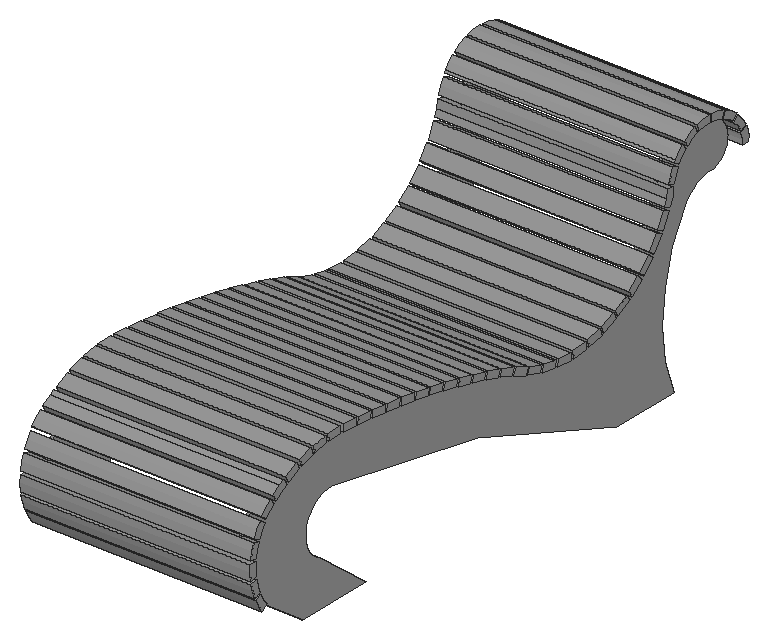
Revit family "12411 Парковый лежак 8 Хоббика", category Антураж, Revit 2018
Family settings
  На основе рабочей плоскости = Нет
  Всегда вертикально = Да
  При загрузке вырезать с полостями = Нет
  Источник визуального образа = Геометрия семейства
  Общий = Нет
  Точка расчета площади = Нет
Parameters (values of type "Парковый лежак 8")
  Ширина = 2065 mm  # constant formula
  Цвет отделки = Дерево
  Цвет основания = Сталь
  Описание = "Парковый лежак 8"  # constant formula
  Материал изделия = "Сталь, дерево"  # constant formula
  Изображение типоразмера = Парковый лежак 8 Арт 12411.jpg
  Изготовитель = "ООО «Хоббика»"  # constant formula
  Длина = 750 mm  # constant formula
  Группа модели = "Лежаки и шезлонги"  # constant formula
  Высота = 792 mm  # constant formula
  Артикул товара = "Арт. 12411"  # constant formula
  URL = "https://hobbyka.ru/product/parkovyy_lezhak_8"
Reference planes
  plane 1 "По центру (Вперед/Назад)": y = 0
  plane 2: z = 0
  plane 3 "По центру (Влево/Вправо)": x = 0
  plane 4: x = 750
  plane 5: y = 2065
  plane 6: z = 792
Forms (mm)
  Extrusion 1, solid, material "Сталь" <- "Цвет основания"
    sketch origin (0, 0, 0) x (0, 1, 0) y (0, 0, 1)
      loop
        arc (421.892, 338.714) -> (1017.174, 217.381) -> (1584.473, 0) r 3689.314
        line (1584.473, 0) -> (1814.006, 0)
        arc (1814.006, 0) -> (1770.56, 268.951) -> (1860.919, 525.968) r 552.511
        arc (1860.919, 525.968) -> (1911.936, 570.555) -> (1978.503, 583.188) r 129.178
        arc (1978.503, 583.188) -> (2027.82, 623.966) -> (2027.357, 687.956) r 74.555
        arc (2027.357, 687.956) -> (1909.801, 769.009) -> (1779.955, 709.601) r 144.606
        arc (1779.955, 709.601) -> (1757.504, 667.224) -> (1747.463, 620.331) r 174.142
        arc (1747.463, 620.331) -> (1558.796, 385.823) -> (1263.164, 329.334) r 436.191
        arc (1263.164, 329.334) -> (1175.469, 350.683) -> (1091.974, 384.957) r 599.429
        arc (1091.974, 384.957) -> (745.739, 476.584) -> (390.392, 521.331) r 2685.98
        arc (390.392, 521.331) -> (269.463, 508.999) -> (158.57, 459.214) r 381.081
        arc (158.57, 459.214) -> (49.985, 318.489) -> (98.929, 147.612) r 196.987
        line (98.929, 147.612) -> (302.099, 0) -> (557.099, 0) -> (371.422, 150.359)
        arc (371.422, 150.359) -> (315.081, 266.395) -> (421.892, 338.714) r 98.508
    from 50 to 60
  Extrusion 2, solid, material "Сталь" <- "Цвет основания"
    sketch origin (0, 0, 0) x (0, 1, 0) y (0, 0, 1)
      loop
        arc (421.892, 338.714) -> (1017.174, 217.381) -> (1584.473, 0) r 3689.314
        line (1584.473, 0) -> (1814.006, 0)
        arc (1814.006, 0) -> (1770.56, 268.951) -> (1860.919, 525.968) r 552.511
        arc (1860.919, 525.968) -> (1911.936, 570.555) -> (1978.503, 583.188) r 129.178
        arc (1978.503, 583.188) -> (2027.82, 623.966) -> (2027.357, 687.956) r 74.555
        arc (2027.357, 687.956) -> (1909.801, 769.009) -> (1779.955, 709.601) r 144.606
        arc (1779.955, 709.601) -> (1757.504, 667.224) -> (1747.463, 620.331) r 174.142
        arc (1747.463, 620.331) -> (1558.796, 385.823) -> (1263.164, 329.334) r 436.191
        arc (1263.164, 329.334) -> (1175.469, 350.683) -> (1091.974, 384.957) r 599.429
        arc (1091.974, 384.957) -> (745.739, 476.584) -> (390.392, 521.331) r 2685.98
        arc (390.392, 521.331) -> (269.463, 508.999) -> (158.57, 459.214) r 381.081
        arc (158.57, 459.214) -> (49.985, 318.489) -> (98.929, 147.612) r 196.987
        line (98.929, 147.612) -> (302.099, 0) -> (557.099, 0) -> (371.422, 150.359)
        arc (371.422, 150.359) -> (315.081, 266.395) -> (421.892, 338.714) r 98.508
    from 690 to 700
  Extrusion 3, solid, material "Дерево" <- "Цвет отделки"
    sketch origin (0, 0, 0) x (0, 1, 0) y (0, 0, 1)
      loop
        line (2025.42, 691.811) -> (2045.814, 702.445)
        arc (2045.814, 702.445) -> (2032.648, 723.67) -> (2016.474, 742.702) r 167.606
        line (2016.474, 742.702) -> (2000.106, 726.544)
        arc (2000.106, 726.544) -> (2014.061, 710.123) -> (2025.42, 691.811) r 144.606
      loop
        arc (1779.955, 709.601) -> (1791.213, 723.331) -> (1804.067, 735.578) r 144.606
        line (1804.067, 735.578) -> (1789.255, 753.173)
        arc (1789.255, 753.173) -> (1774.355, 738.978) -> (1761.308, 723.065) r 167.606
        arc (1761.308, 723.065) -> (1758.715, 719.387) -> (1756.208, 715.65) r 197.142
        line (1756.208, 715.65) -> (1775.45, 703.052)
        arc (1775.45, 703.052) -> (1777.665, 706.352) -> (1779.955, 709.601) r 174.142
      loop
        arc (1747.463, 620.331) -> (1748.924, 633.464) -> (1751.376, 646.45) r 174.142
        line (1751.376, 646.45) -> (1728.954, 651.572)
        arc (1728.954, 651.572) -> (1726.409, 638.378) -> (1724.769, 625.041) r 197.142
        arc (1724.769, 625.041) -> (1720.87, 614.223) -> (1716.672, 603.517) r 413.191
        line (1716.672, 603.517) -> (1737.965, 594.823)
        arc (1737.965, 594.823) -> (1742.913, 607.502) -> (1747.463, 620.331) r 436.191
      loop
        line (1269.833, 328.273) -> (1273.226, 351.035)
        arc (1273.226, 351.035) -> (1270.064, 351.519) -> (1266.906, 352.027) r 413.191
        arc (1266.906, 352.027) -> (1245.273, 356.021) -> (1223.808, 360.836) r 576.429
        line (1223.808, 360.836) -> (1218.346, 338.494)
        arc (1218.346, 338.494) -> (1243.978, 332.82) -> (1269.833, 328.273) r 599.429
      loop
        line (1091.725, 385.041) -> (1100.867, 406.23)
        arc (1100.867, 406.23) -> (1077.147, 414.127) -> (1053.356, 421.806) r 2708.98
        line (1053.356, 421.806) -> (1046.393, 399.885)
        arc (1046.393, 399.885) -> (1069.092, 392.564) -> (1091.725, 385.041) r 2685.98
      loop
        line (390.392, 521.331) -> (391.738, 544.291)
        arc (391.738, 544.291) -> (366.752, 544.981) -> (341.77, 544.125) r 404.081
        line (341.77, 544.125) -> (343.269, 521.174)
        arc (343.269, 521.174) -> (366.828, 521.981) -> (390.392, 521.331) r 381.081
      loop
        arc (158.57, 459.214) -> (166.067, 464.024) -> (173.674, 468.658) r 381.081
        line (173.674, 468.658) -> (161.94, 488.439)
        arc (161.94, 488.439) -> (154.532, 483.937) -> (147.223, 479.277) r 404.081
        arc (147.223, 479.277) -> (130.947, 470.494) -> (115.466, 460.375) r 219.987
        line (115.466, 460.375) -> (128.848, 441.669)
        arc (128.848, 441.669) -> (143.324, 451.094) -> (158.57, 459.214) r 196.987
      loop
        arc (2057.183, 644.475) -> (2056.806, 669.404) -> (2050.122, 693.423) r 97.555
        line (2050.122, 693.423) -> (2028.933, 684.476)
        arc (2028.933, 684.476) -> (2034.041, 666.12) -> (2034.33, 647.068) r 74.555
        line (2034.33, 647.068) -> (2057.183, 644.475)
      loop
        line (1797.093, 759.381) -> (1810.83, 740.934)
        arc (1810.83, 740.934) -> (1829.024, 752.481) -> (1848.733, 761.196) r 144.606
        line (1848.733, 761.196) -> (1841.024, 782.866)
        arc (1841.024, 782.866) -> (1818.181, 772.765) -> (1797.093, 759.381) r 167.606
      loop
        line (1850.54, 785.935) -> (1856.943, 763.844)
        arc (1856.943, 763.844) -> (1878.03, 768.284) -> (1899.542, 769.541) r 144.606
        line (1899.542, 769.541) -> (1899.915, 792.538)
        arc (1899.915, 792.538) -> (1874.981, 791.081) -> (1850.54, 785.935) r 167.606
      loop
        line (1909.903, 792.077) -> (1908.16, 769.144)
        arc (1908.16, 769.144) -> (1929.466, 765.913) -> (1950.055, 759.553) r 144.606
        line (1950.055, 759.553) -> (1958.462, 780.961)
        arc (1958.462, 780.961) -> (1934.598, 788.334) -> (1909.903, 792.077) r 167.606
      loop
        arc (2009.241, 749.605) -> (1989.473, 764.872) -> (1967.655, 777.031) r 167.606
        line (1967.655, 777.031) -> (1957.987, 756.162)
        arc (1957.987, 756.162) -> (1976.563, 745.834) -> (1993.425, 732.894) r 144.606
        line (1993.425, 732.894) -> (2009.241, 749.605)
      loop
        arc (1750.945, 707.148) -> (1739.729, 684.824) -> (1731.427, 661.26) r 197.142
        line (1731.427, 661.26) -> (1753.561, 655.008)
        arc (1753.561, 655.008) -> (1761.008, 676.088) -> (1771.094, 696.04) r 174.142
        line (1771.094, 696.04) -> (1750.945, 707.148)
      loop
        arc (1712.78, 594.306) -> (1702.086, 571.713) -> (1690.044, 549.808) r 413.191
        line (1690.044, 549.808) -> (1709.855, 538.124)
        arc (1709.855, 538.124) -> (1722.567, 561.248) -> (1733.857, 585.098) r 436.191
        line (1733.857, 585.098) -> (1712.78, 594.306)
      loop
        line (1283.134, 349.681) -> (1280.295, 326.857)
        arc (1280.295, 326.857) -> (1306.567, 324.393) -> (1332.94, 323.522) r 436.191
        line (1332.94, 323.522) -> (1333.003, 346.522)
        arc (1333.003, 346.522) -> (1308.021, 347.347) -> (1283.134, 349.681) r 413.191
      loop
        line (1343.003, 346.616) -> (1343.496, 323.621)
        arc (1343.496, 323.621) -> (1369.848, 324.985) -> (1396.07, 327.939) r 436.191
        line (1396.07, 327.939) -> (1392.804, 350.706)
        arc (1392.804, 350.706) -> (1367.965, 347.907) -> (1343.003, 346.616) r 413.191
      loop
        line (1402.685, 352.246) -> (1406.5, 329.564)
        arc (1406.5, 329.564) -> (1432.378, 334.727) -> (1457.896, 341.445) r 436.191
        line (1457.896, 341.445) -> (1451.371, 363.5)
        arc (1451.371, 363.5) -> (1427.198, 357.136) -> (1402.685, 352.246) r 413.191
      loop
        line (1460.925, 366.453) -> (1467.982, 344.562)
        arc (1467.982, 344.562) -> (1492.84, 353.415) -> (1517.118, 363.754) r 436.191
        line (1517.118, 363.754) -> (1507.469, 384.633)
        arc (1507.469, 384.633) -> (1484.472, 374.838) -> (1460.925, 366.453) r 413.191
      loop
        line (1568.228, 419.226) -> (1581.258, 400.274)
        arc (1581.258, 400.274) -> (1602.54, 415.874) -> (1622.84, 432.733) r 436.191
        line (1622.84, 432.733) -> (1607.617, 449.974)
        arc (1607.617, 449.974) -> (1588.388, 434.004) -> (1568.228, 419.226) r 413.191
      loop
        arc (1559.92, 413.661) -> (1538.582, 400.642) -> (1516.495, 388.937) r 413.191
        line (1516.495, 388.937) -> (1526.646, 368.298)
        arc (1526.646, 368.298) -> (1549.962, 380.655) -> (1572.487, 394.399) r 436.191
        line (1572.487, 394.399) -> (1559.92, 413.661)
      loop
        line (1615.033, 456.683) -> (1630.668, 439.815)
        arc (1630.668, 439.815) -> (1649.469, 458.331) -> (1667.116, 477.949) r 436.191
        line (1667.116, 477.949) -> (1649.559, 492.806)
        arc (1649.559, 492.806) -> (1632.842, 474.222) -> (1615.033, 456.683) r 413.191
      loop
        line (1655.925, 500.517) -> (1673.837, 486.09)
        arc (1673.837, 486.09) -> (1689.761, 507.131) -> (1704.383, 529.097) r 436.191
        line (1704.383, 529.097) -> (1684.861, 541.257)
        arc (1684.861, 541.257) -> (1671.009, 520.449) -> (1655.925, 500.517) r 413.191
      loop
        arc (1214.115, 363.295) -> (1190.083, 370.175) -> (1166.371, 378.09) r 576.429
        line (1166.371, 378.09) -> (1158.617, 356.437)
        arc (1158.617, 356.437) -> (1183.275, 348.206) -> (1208.266, 341.051) r 599.429
        line (1208.266, 341.051) -> (1214.115, 363.295)
      loop
        arc (1156.986, 381.543) -> (1133.798, 390.883) -> (1111.037, 401.219) r 576.429
        line (1111.037, 401.219) -> (1101.075, 380.488)
        arc (1101.075, 380.488) -> (1124.744, 369.74) -> (1148.857, 360.027) r 599.429
        line (1148.857, 360.027) -> (1156.986, 381.543)
      loop
        arc (1043.82, 424.816) -> (1019.931, 432.186) -> (995.975, 439.336) r 2708.98
        line (995.975, 439.336) -> (989.499, 417.266)
        arc (989.499, 417.266) -> (1013.251, 410.177) -> (1036.937, 402.869) r 2685.98
        line (1036.937, 402.869) -> (1043.82, 424.816)
      loop
        line (525.858, 533.081) -> (523.374, 510.216)
        arc (523.374, 510.216) -> (548.004, 507.424) -> (572.607, 504.406) r 2685.98
        line (572.607, 504.406) -> (575.513, 527.222)
        arc (575.513, 527.222) -> (550.699, 530.266) -> (525.858, 533.081) r 2708.98
      loop
        line (585.431, 525.94) -> (582.44, 503.135)
        arc (582.44, 503.135) -> (607.003, 499.799) -> (631.533, 496.236) r 2685.98
        line (631.533, 496.236) -> (634.943, 518.982)
        arc (634.943, 518.982) -> (610.203, 522.575) -> (585.431, 525.94) r 2708.98
      loop
        line (644.83, 517.481) -> (641.336, 494.748)
        arc (641.336, 494.748) -> (665.818, 490.869) -> (690.263, 486.764) r 2685.98
        line (690.263, 486.764) -> (694.177, 509.428)
        arc (694.177, 509.428) -> (669.522, 513.568) -> (644.83, 517.481) r 2708.98
      loop
        line (704.028, 507.709) -> (700.031, 485.059)
        arc (700.031, 485.059) -> (724.421, 480.638) -> (748.769, 475.993) r 2685.98
        line (748.769, 475.993) -> (753.184, 498.565)
        arc (753.184, 498.565) -> (728.627, 503.25) -> (704.028, 507.709) r 2708.98
      loop
        line (762.994, 496.628) -> (758.497, 474.072)
        arc (758.497, 474.072) -> (782.783, 469.112) -> (807.023, 463.929) r 2685.98
        line (807.023, 463.929) -> (811.936, 486.398)
        arc (811.936, 486.398) -> (787.489, 491.626) -> (762.994, 496.628) r 2708.98
      loop
        line (821.701, 484.243) -> (816.705, 461.793)
        arc (816.705, 461.793) -> (840.876, 456.296) -> (864.994, 450.577) r 2685.98
        line (864.994, 450.577) -> (870.404, 472.932)
        arc (870.404, 472.932) -> (846.079, 478.7) -> (821.701, 484.243) r 2708.98
      loop
        line (880.119, 470.562) -> (874.627, 448.228)
        arc (874.627, 448.228) -> (898.67, 442.197) -> (922.656, 435.946) r 2685.98
        line (922.656, 435.946) -> (928.56, 458.175)
        arc (928.56, 458.175) -> (904.368, 464.48) -> (880.119, 470.562) r 2708.98
      loop
        line (938.22, 455.59) -> (932.235, 433.383)
        arc (932.235, 433.383) -> (956.138, 426.822) -> (979.98, 420.04) r 2685.98
        line (979.98, 420.04) -> (986.374, 442.134)
        arc (986.374, 442.134) -> (962.328, 448.973) -> (938.22, 455.59) r 2708.98
      loop
        arc (515.915, 534.143) -> (491.04, 536.637) -> (466.143, 538.901) r 2708.98
        line (466.143, 538.901) -> (464.165, 515.986)
        arc (464.165, 515.986) -> (488.851, 513.741) -> (513.515, 511.269) r 2685.98
        line (513.515, 511.269) -> (515.915, 534.143)
      loop
        arc (456.178, 539.743) -> (431.254, 541.685) -> (406.313, 543.398) r 2708.98
        line (406.313, 543.398) -> (404.843, 520.445)
        arc (404.843, 520.445) -> (429.572, 518.747) -> (454.285, 516.821) r 2685.98
        line (454.285, 516.821) -> (456.178, 539.743)
      loop
        arc (331.801, 543.35) -> (306.987, 540.336) -> (282.407, 535.794) r 404.081
        line (282.407, 535.794) -> (287.284, 513.317)
        arc (287.284, 513.317) -> (310.465, 517.601) -> (333.866, 520.443) r 381.081
        line (333.866, 520.443) -> (331.801, 543.35)
      loop
        arc (272.662, 533.553) -> (248.567, 526.901) -> (224.93, 518.772) r 404.081
        line (224.93, 518.772) -> (233.079, 497.264)
        arc (233.079, 497.264) -> (255.37, 504.93) -> (278.094, 511.203) r 381.081
        line (278.094, 511.203) -> (272.662, 533.553)
      loop
        arc (215.623, 515.114) -> (192.778, 504.971) -> (170.603, 493.434) r 404.081
        line (170.603, 493.434) -> (181.844, 473.368)
        arc (181.844, 473.368) -> (202.757, 484.248) -> (224.302, 493.814) r 381.081
        line (224.302, 493.814) -> (215.623, 515.114)
      loop
        arc (107.468, 454.374) -> (88.736, 437.838) -> (72.001, 419.283) r 219.987
        line (72.001, 419.283) -> (89.927, 404.873)
        arc (89.927, 404.873) -> (104.913, 421.488) -> (121.686, 436.296) r 196.987
        line (121.686, 436.296) -> (107.468, 454.374)
      loop
        arc (65.915, 411.35) -> (52.331, 390.379) -> (41.212, 368.002) r 219.987
        line (41.212, 368.002) -> (62.357, 358.954)
        arc (62.357, 358.954) -> (72.314, 378.991) -> (84.478, 397.769) r 196.987
        line (84.478, 397.769) -> (65.915, 411.35)
      loop
        arc (37.488, 358.722) -> (30.055, 334.867) -> (25.375, 310.323) r 219.987
        line (25.375, 310.323) -> (48.176, 307.305)
        arc (48.176, 307.305) -> (52.367, 329.283) -> (59.023, 350.644) r 196.987
        line (59.023, 350.644) -> (37.488, 358.722)
      loop
        arc (24.289, 300.383) -> (23.556, 275.407) -> (25.661, 250.509) r 219.987
        line (25.661, 250.509) -> (48.432, 253.745)
        arc (48.432, 253.745) -> (46.548, 276.039) -> (47.203, 298.404) r 196.987
        line (47.203, 298.404) -> (24.289, 300.383)
      loop
        arc (27.292, 240.644) -> (33.315, 216.394) -> (42.048, 192.984) r 219.987
        line (42.048, 192.984) -> (63.106, 202.234)
        arc (63.106, 202.234) -> (55.286, 223.197) -> (49.893, 244.911) r 196.987
        line (49.893, 244.911) -> (27.292, 240.644)
      loop
        arc (46.277, 183.922) -> (58.609, 162.191) -> (73.326, 141.999) r 219.987
        line (73.326, 141.999) -> (91.114, 156.579)
        arc (91.114, 156.579) -> (77.936, 174.661) -> (66.893, 194.12) r 196.987
        line (66.893, 194.12) -> (46.277, 183.922)
    from 0 to 750
Dimensions and locks
  "Длина": plane 3 "По центру (Влево/Вправо)" to plane 4
  "Ширина": plane 5 to plane 1 "По центру (Вперед/Назад)"
  "Высота": plane 6 to plane 2
  aligned and locked: level to plane 2
Automatic sketch dimensions
  Extrusion 1 sketch curve to level = 0 mm
  level to Extrusion 1 sketch curve = 0 mm
  plane 1 "По центру (Вперед/Назад)" to Extrusion 1 sketch curve = 14.789 mm
  Extrusion 1 sketch curve to plane 1 "По центру (Вперед/Назад)" = 98.929 mm
  Extrusion 1 sketch curve to plane 1 "По центру (Вперед/Назад)" = 233.23 mm
  Extrusion 1 sketch curve to Extrusion 1 sketch curve = 144.531 mm
  Extrusion 1 sketch curve to Extrusion 1 sketch curve = 203.171 mm
  Extrusion 1 sketch curve to Extrusion 1 sketch curve = 65.995 mm
  Extrusion 1 sketch curve to Extrusion 1 sketch curve = 3.328 mm
  Extrusion 1 sketch curve to Extrusion 1 sketch curve = 38.81 mm
  Extrusion 1 sketch curve to Extrusion 1 sketch curve = 189.005 mm
  Extrusion 1 sketch curve to plane 6 = 32.288 mm
  Extrusion 1 sketch curve to plane 5 = 730.859 mm
  plane 6 to Extrusion 1 sketch curve = 128.774 mm
  Extrusion 1 sketch curve to Extrusion 1 sketch curve = 26.562 mm
  Extrusion 1 sketch curve to plane 5 = 480.527 mm
  Extrusion 1 sketch curve to Extrusion 1 sketch curve = 229.533 mm
  Extrusion 1 sketch curve to plane 5 = 167.803 mm
  Extrusion 1 sketch curve to Extrusion 1 sketch curve = 23.946 mm
  Extrusion 1 sketch curve to Extrusion 1 sketch curve = 39.107 mm
  Extrusion 1 sketch curve to plane 5 = 96.539 mm
  plane 5 to Extrusion 1 sketch curve = 255.887 mm
  Extrusion 1 sketch curve to level = 2160.047 mm
  Extrusion 1 sketch curve to Extrusion 1 sketch curve = 1164.618 mm
  level to Extrusion 1 sketch curve = 140.903 mm
  level to Extrusion 1 sketch curve = 147.612 mm
  Extrusion 1 sketch curve to Extrusion 1 sketch curve = 9.456 mm
  level to Extrusion 1 sketch curve = 219.866 mm
  Extrusion 1 sketch curve to Extrusion 1 sketch curve = 90.54 mm
  Extrusion 1 sketch curve to Extrusion 1 sketch curve = 40.558 mm
  Extrusion 1 sketch curve to plane 6 = 337.6 mm
  Extrusion 1 sketch curve to Extrusion 1 sketch curve = 81.697 mm
  Extrusion 1 sketch curve to Extrusion 1 sketch curve = 17.289 mm
  Extrusion 1 sketch curve to Extrusion 1 sketch curve = 47.809 mm
  Extrusion 1 sketch curve to plane 1 "По центру (Вперед/Назад)" = 158.57 mm
  Extrusion 1 sketch curve to Extrusion 1 sketch curve = 0 mm  (x4)
  level to Extrusion 1 sketch curve = 384.957 mm
  Extrusion 1 sketch curve to Extrusion 1 sketch curve = 113.456 mm
  Extrusion 1 sketch curve to Extrusion 1 sketch curve = 57.359 mm
  Extrusion 2 sketch curve to level = 0 mm
  level to Extrusion 2 sketch curve = 0 mm
  plane 1 "По центру (Вперед/Назад)" to Extrusion 2 sketch curve = 14.789 mm
  Extrusion 2 sketch curve to plane 1 "По центру (Вперед/Назад)" = 98.929 mm
  Extrusion 2 sketch curve to plane 1 "По центру (Вперед/Назад)" = 233.23 mm
  Extrusion 2 sketch curve to Extrusion 2 sketch curve = 144.531 mm
  Extrusion 2 sketch curve to Extrusion 2 sketch curve = 203.171 mm
  Extrusion 2 sketch curve to Extrusion 2 sketch curve = 65.995 mm
  Extrusion 2 sketch curve to Extrusion 2 sketch curve = 3.328 mm
  Extrusion 2 sketch curve to Extrusion 2 sketch curve = 38.81 mm
  Extrusion 2 sketch curve to Extrusion 2 sketch curve = 189.005 mm
  Extrusion 2 sketch curve to plane 6 = 32.288 mm
  Extrusion 2 sketch curve to plane 5 = 730.859 mm
  plane 6 to Extrusion 2 sketch curve = 128.774 mm
  Extrusion 2 sketch curve to Extrusion 2 sketch curve = 26.562 mm
  Extrusion 2 sketch curve to plane 5 = 480.527 mm
  Extrusion 2 sketch curve to Extrusion 2 sketch curve = 229.533 mm
  Extrusion 2 sketch curve to plane 5 = 167.803 mm
  Extrusion 2 sketch curve to Extrusion 2 sketch curve = 23.946 mm
  Extrusion 2 sketch curve to Extrusion 2 sketch curve = 39.107 mm
  Extrusion 2 sketch curve to plane 5 = 96.539 mm
  plane 5 to Extrusion 2 sketch curve = 255.887 mm
  Extrusion 2 sketch curve to level = 2160.047 mm
  Extrusion 2 sketch curve to Extrusion 2 sketch curve = 1164.618 mm
  level to Extrusion 2 sketch curve = 140.903 mm
  level to Extrusion 2 sketch curve = 147.612 mm
  Extrusion 2 sketch curve to Extrusion 2 sketch curve = 9.456 mm
  level to Extrusion 2 sketch curve = 219.866 mm
  Extrusion 2 sketch curve to Extrusion 2 sketch curve = 90.54 mm
  Extrusion 2 sketch curve to Extrusion 2 sketch curve = 40.558 mm
  Extrusion 2 sketch curve to plane 6 = 337.6 mm
  Extrusion 2 sketch curve to Extrusion 2 sketch curve = 81.697 mm
  Extrusion 2 sketch curve to Extrusion 2 sketch curve = 17.289 mm
  Extrusion 2 sketch curve to Extrusion 2 sketch curve = 47.809 mm
  Extrusion 2 sketch curve to plane 1 "По центру (Вперед/Назад)" = 158.57 mm
  Extrusion 2 sketch curve to Extrusion 2 sketch curve = 0 mm  (x4)
  level to Extrusion 2 sketch curve = 384.957 mm
  Extrusion 2 sketch curve to Extrusion 2 sketch curve = 113.456 mm
  Extrusion 2 sketch curve to Extrusion 2 sketch curve = 57.359 mm
  Extrusion 3 sketch curve to Extrusion 3 sketch curve = 0 mm  (x177)
  Extrusion 3 sketch curve to plane 1 "По центру (Вперед/Назад)" = 233.23 mm
  Extrusion 3 sketch curve to Extrusion 3 sketch curve = 124.635 mm
  Extrusion 3 sketch curve to Extrusion 3 sketch curve = 243.169 mm
  Extrusion 3 sketch curve to plane 6 = 247.709 mm
  Extrusion 3 sketch curve to Extrusion 3 sketch curve = 1.346 mm
  Extrusion 3 sketch curve to plane 6 = 32.288 mm
  Extrusion 3 sketch curve to Extrusion 3 sketch curve = 233.274 mm
  plane 6 to Extrusion 3 sketch curve = 128.774 mm
  Extrusion 3 sketch curve to Extrusion 3 sketch curve = 26.562 mm
  Extrusion 3 sketch curve to plane 5 = 167.803 mm
  Extrusion 3 sketch curve to Extrusion 3 sketch curve = 23.946 mm
  Extrusion 3 sketch curve to Extrusion 3 sketch curve = 39.107 mm
  Extrusion 3 sketch curve to plane 5 = 30.67 mm
  Extrusion 3 sketch curve to plane 5 = 7.817 mm
  Extrusion 3 sketch curve to plane 6 = 184.336 mm
  Extrusion 3 sketch curve to Extrusion 3 sketch curve = 17.289 mm
  Extrusion 3 sketch curve to Extrusion 3 sketch curve = 36.811 mm
  Extrusion 3 sketch curve to Extrusion 3 sketch curve = 2.593 mm
  Extrusion 3 sketch curve to Extrusion 3 sketch curve = 47.809 mm
  Extrusion 3 sketch curve to plane 1 "По центру (Вперед/Назад)" = 72.001 mm
  Extrusion 3 sketch curve to Extrusion 3 sketch curve = 9.644 mm
  Extrusion 3 sketch curve to Extrusion 3 sketch curve = 6.086 mm
  Extrusion 3 sketch curve to Extrusion 3 sketch curve = 3.334 mm
  Extrusion 3 sketch curve to Extrusion 3 sketch curve = 24.221 mm
  Extrusion 3 sketch curve to Extrusion 3 sketch curve = 10.847 mm
  Extrusion 3 sketch curve to Extrusion 3 sketch curve = 0.973 mm
  Extrusion 3 sketch curve to Extrusion 3 sketch curve = 3.786 mm
  Extrusion 3 sketch curve to Extrusion 3 sketch curve = 1.229 mm
  Extrusion 3 sketch curve to Extrusion 3 sketch curve = 1.461 mm
  Extrusion 3 sketch curve to Extrusion 3 sketch curve = 21.145 mm
  Extrusion 3 sketch curve to Extrusion 3 sketch curve = 3.724 mm
  Extrusion 3 sketch curve to Extrusion 3 sketch curve = 20.616 mm
  Extrusion 3 sketch curve to Extrusion 3 sketch curve = 22.801 mm
  Extrusion 3 sketch curve to Extrusion 3 sketch curve = 1.086 mm
  Extrusion 3 sketch curve to Extrusion 3 sketch curve = 22.771 mm
  Extrusion 3 sketch curve to Extrusion 3 sketch curve = 1.631 mm
  Extrusion 3 sketch curve to Extrusion 3 sketch curve = 18.563 mm
  Extrusion 3 sketch curve to Extrusion 3 sketch curve = 5.45 mm
  Extrusion 3 sketch curve to Extrusion 3 sketch curve = 35.467 mm
  Extrusion 3 sketch curve to Extrusion 3 sketch curve = 7.998 mm
  Extrusion 3 sketch curve to Extrusion 3 sketch curve = 14.218 mm
  Extrusion 3 sketch curve to Extrusion 3 sketch curve = 14.717 mm
  Extrusion 3 sketch curve to Extrusion 3 sketch curve = 8.663 mm
  Extrusion 3 sketch curve to Extrusion 3 sketch curve = 8.17 mm
  Extrusion 3 sketch curve to Extrusion 3 sketch curve = 45.02 mm
  Extrusion 3 sketch curve to Extrusion 3 sketch curve = 8.679 mm
  Extrusion 3 sketch curve to Extrusion 3 sketch curve = 5.432 mm
  Extrusion 3 sketch curve to plane 6 = 256.206 mm
  Extrusion 3 sketch curve to plane 6 = 248.65 mm
  Extrusion 3 sketch curve to plane 6 = 271.555 mm
  Extrusion 3 sketch curve to plane 6 = 248.602 mm
  Extrusion 3 sketch curve to plane 6 = 252.257 mm
  Extrusion 3 sketch curve to plane 6 = 253.099 mm
  Extrusion 3 sketch curve to plane 6 = 258.919 mm
  Extrusion 3 sketch curve to plane 6 = 266.06 mm
  Extrusion 3 sketch curve to plane 6 = 273.018 mm
  Extrusion 3 sketch curve to plane 6 = 274.519 mm
  Extrusion 3 sketch curve to plane 6 = 284.291 mm
  Extrusion 3 sketch curve to plane 6 = 293.435 mm
  Extrusion 3 sketch curve to plane 6 = 295.372 mm
  Extrusion 3 sketch curve to plane 6 = 305.602 mm
  Extrusion 3 sketch curve to plane 6 = 307.757 mm
  Extrusion 3 sketch curve to plane 6 = 319.068 mm
  Extrusion 3 sketch curve to plane 6 = 343.772 mm
  Extrusion 3 sketch curve to plane 6 = 321.438 mm
  Extrusion 3 sketch curve to plane 6 = 356.054 mm
  Extrusion 3 sketch curve to plane 6 = 333.825 mm
  Extrusion 3 sketch curve to plane 6 = 358.617 mm
  Extrusion 3 sketch curve to plane 6 = 336.41 mm
  Extrusion 3 sketch curve to plane 6 = 371.96 mm
  Extrusion 3 sketch curve to plane 6 = 349.866 mm
  Extrusion 3 sketch curve to plane 6 = 374.734 mm
  Extrusion 3 sketch curve to plane 6 = 352.664 mm
  Extrusion 3 sketch curve to plane 6 = 367.184 mm
  Extrusion 3 sketch curve to plane 6 = 392.115 mm
  Extrusion 3 sketch curve to plane 6 = 370.194 mm
  level to Extrusion 3 sketch curve = 385.041 mm
  level to Extrusion 3 sketch curve = 380.488 mm
  level to Extrusion 3 sketch curve = 360.027 mm
  level to Extrusion 3 sketch curve = 381.543 mm
  level to Extrusion 3 sketch curve = 356.437 mm
  level to Extrusion 3 sketch curve = 378.09 mm
  level to Extrusion 3 sketch curve = 341.051 mm
  level to Extrusion 3 sketch curve = 363.295 mm
  level to Extrusion 3 sketch curve = 338.494 mm
  level to Extrusion 3 sketch curve = 360.836 mm
  level to Extrusion 3 sketch curve = 328.273 mm
  level to Extrusion 3 sketch curve = 326.857 mm
  level to Extrusion 3 sketch curve = 349.681 mm
  level to Extrusion 3 sketch curve = 323.522 mm
  level to Extrusion 3 sketch curve = 346.522 mm
  level to Extrusion 3 sketch curve = 346.616 mm
  level to Extrusion 3 sketch curve = 323.621 mm
  level to Extrusion 3 sketch curve = 350.706 mm
  level to Extrusion 3 sketch curve = 327.939 mm
  level to Extrusion 3 sketch curve = 352.246 mm
  level to Extrusion 3 sketch curve = 329.564 mm
  level to Extrusion 3 sketch curve = 363.5 mm
  level to Extrusion 3 sketch curve = 341.445 mm
  level to Extrusion 3 sketch curve = 366.453 mm
  level to Extrusion 3 sketch curve = 344.562 mm
  level to Extrusion 3 sketch curve = 384.633 mm
  level to Extrusion 3 sketch curve = 363.754 mm
  level to Extrusion 3 sketch curve = 368.298 mm
  Extrusion 3 sketch curve to plane 6 = 378.339 mm
  Extrusion 3 sketch curve to plane 6 = 372.774 mm
  Extrusion 3 sketch curve to plane 6 = 391.726 mm
  Extrusion 3 sketch curve to plane 6 = 342.026 mm
  Extrusion 3 sketch curve to plane 6 = 335.317 mm
  Extrusion 3 sketch curve to plane 6 = 359.267 mm
  Extrusion 3 sketch curve to plane 6 = 352.185 mm
  Extrusion 3 sketch curve to plane 6 = 299.194 mm
  Extrusion 3 sketch curve to plane 6 = 291.483 mm
  Extrusion 3 sketch curve to plane 6 = 314.051 mm
  Extrusion 3 sketch curve to plane 6 = 305.91 mm
  Extrusion 3 sketch curve to plane 6 = 250.743 mm
  Extrusion 3 sketch curve to plane 6 = 242.192 mm
  Extrusion 3 sketch curve to plane 6 = 262.903 mm
  Extrusion 3 sketch curve to plane 6 = 253.876 mm
  Extrusion 3 sketch curve to plane 6 = 197.694 mm
  Extrusion 3 sketch curve to plane 6 = 188.483 mm
  Extrusion 3 sketch curve to Extrusion 3 sketch curve = 8.097 mm
  Extrusion 3 sketch curve to plane 6 = 140.428 mm
  Extrusion 3 sketch curve to plane 6 = 130.74 mm
  Extrusion 3 sketch curve to plane 6 = 206.902 mm
  Extrusion 3 sketch curve to plane 6 = 197.177 mm
  Extrusion 3 sketch curve to Extrusion 3 sketch curve = 22.694 mm
  Extrusion 3 sketch curve to plane 6 = 84.852 mm
  Extrusion 3 sketch curve to plane 6 = 145.55 mm
  Extrusion 3 sketch curve to plane 6 = 136.992 mm
  Extrusion 3 sketch curve to plane 6 = 76.35 mm
  Extrusion 3 sketch curve to plane 6 = 95.96 mm
  Extrusion 3 sketch curve to plane 6 = 88.948 mm
  Extrusion 3 sketch curve to plane 6 = 38.827 mm
  Extrusion 3 sketch curve to plane 6 = 32.619 mm
  Extrusion 3 sketch curve to plane 6 = 56.422 mm
  Extrusion 3 sketch curve to plane 6 = 51.066 mm
  Extrusion 3 sketch curve to plane 6 = 9.134 mm
  Extrusion 3 sketch curve to plane 6 = 30.804 mm
  Extrusion 3 sketch curve to plane 6 = 6.065 mm
  Extrusion 3 sketch curve to plane 6 = 28.156 mm
  Extrusion 3 sketch curve to plane 6 = 22.459 mm
  plane 6 to Extrusion 3 sketch curve = 0.538 mm
  Extrusion 3 sketch curve to plane 6 = 22.856 mm
  plane 6 to Extrusion 3 sketch curve = 0.077 mm
  Extrusion 3 sketch curve to plane 6 = 32.447 mm
  Extrusion 3 sketch curve to plane 6 = 35.838 mm
  Extrusion 3 sketch curve to plane 6 = 11.039 mm
  Extrusion 3 sketch curve to plane 6 = 14.969 mm
  Extrusion 3 sketch curve to plane 6 = 59.106 mm
  Extrusion 3 sketch curve to plane 6 = 42.395 mm
  Extrusion 3 sketch curve to Extrusion 3 sketch curve = 4.307 mm
  Extrusion 3 sketch curve to Extrusion 3 sketch curve = 114.612 mm
  Extrusion 3 sketch curve to Extrusion 3 sketch curve = 140.554 mm
  Extrusion 3 sketch curve to plane 1 "По центру (Вперед/Назад)" = 42.048 mm
  Extrusion 3 sketch curve to Extrusion 3 sketch curve = 17.788 mm
  Extrusion 3 sketch curve to Extrusion 3 sketch curve = 11.347 mm
  Extrusion 3 sketch curve to plane 5 = 19.186 mm
  Extrusion 3 sketch curve to Extrusion 3 sketch curve = 20.394 mm
  Extrusion 3 sketch curve to Extrusion 3 sketch curve = 3.513 mm
  Extrusion 3 sketch curve to Extrusion 3 sketch curve = 7.838 mm
  Extrusion 3 sketch curve to Extrusion 3 sketch curve = 2.473 mm
  Extrusion 3 sketch curve to Extrusion 3 sketch curve = 8.21 mm
  Extrusion 3 sketch curve to Extrusion 3 sketch curve = 8.617 mm
  Extrusion 3 sketch curve to Extrusion 3 sketch curve = 6.682 mm
  Extrusion 3 sketch curve to Extrusion 3 sketch curve = 9.022 mm
  Extrusion 3 sketch curve to Extrusion 3 sketch curve = 7.233 mm
  Extrusion 3 sketch curve to Extrusion 3 sketch curve = 7.335 mm
  Extrusion 3 sketch curve to Extrusion 3 sketch curve = 16.368 mm
  Extrusion 3 sketch curve to Extrusion 3 sketch curve = 9.193 mm
  Extrusion 3 sketch curve to Extrusion 3 sketch curve = 7.932 mm
  Extrusion 3 sketch curve to Extrusion 3 sketch curve = 9.988 mm
  Extrusion 3 sketch curve to Extrusion 3 sketch curve = 9.516 mm
  Extrusion 3 sketch curve to Extrusion 3 sketch curve = 6.762 mm
  Extrusion 3 sketch curve to Extrusion 3 sketch curve = 5.263 mm
  Extrusion 3 sketch curve to Extrusion 3 sketch curve = 4.357 mm
  Extrusion 3 sketch curve to Extrusion 3 sketch curve = 2.185 mm
  Extrusion 3 sketch curve to Extrusion 3 sketch curve = 6.367 mm
  Extrusion 3 sketch curve to Extrusion 3 sketch curve = 7.415 mm
  Extrusion 3 sketch curve to Extrusion 3 sketch curve = 5.472 mm
  Extrusion 3 sketch curve to Extrusion 3 sketch curve = 4.108 mm
  Extrusion 3 sketch curve to Extrusion 3 sketch curve = 9.011 mm
  Extrusion 3 sketch curve to Extrusion 3 sketch curve = 3.892 mm
  Extrusion 3 sketch curve to Extrusion 3 sketch curve = 5.184 mm
  Extrusion 3 sketch curve to Extrusion 3 sketch curve = 6.721 mm
  Extrusion 3 sketch curve to Extrusion 3 sketch curve = 7.828 mm
  Extrusion 3 sketch curve to Extrusion 3 sketch curve = 9.026 mm
  Extrusion 3 sketch curve to Extrusion 3 sketch curve = 9.554 mm
  Extrusion 3 sketch curve to Extrusion 3 sketch curve = 9.999 mm
  Extrusion 3 sketch curve to Extrusion 3 sketch curve = 10.431 mm
  Extrusion 3 sketch curve to Extrusion 3 sketch curve = 8.771 mm
  Extrusion 3 sketch curve to Extrusion 3 sketch curve = 8.308 mm
  Extrusion 3 sketch curve to Extrusion 3 sketch curve = 9.528 mm
  Extrusion 3 sketch curve to Extrusion 3 sketch curve = 10.086 mm
  Extrusion 3 sketch curve to Extrusion 3 sketch curve = 9.881 mm
  Extrusion 3 sketch curve to Extrusion 3 sketch curve = 10.556 mm
  Extrusion 3 sketch curve to Extrusion 3 sketch curve = 6.32 mm
  Extrusion 3 sketch curve to Extrusion 3 sketch curve = 9.908 mm
  Extrusion 3 sketch curve to Extrusion 3 sketch curve = 0.063 mm
  Extrusion 3 sketch curve to Extrusion 3 sketch curve = 9.693 mm
  Extrusion 3 sketch curve to Extrusion 3 sketch curve = 9.385 mm
  Extrusion 3 sketch curve to Extrusion 3 sketch curve = 9.759 mm
  Extrusion 3 sketch curve to Extrusion 3 sketch curve = 10.08 mm
  level to Extrusion 3 sketch curve = 351.035 mm
  Extrusion 3 sketch curve to Extrusion 3 sketch curve = 10.461 mm
  Extrusion 3 sketch curve to Extrusion 3 sketch curve = 10.17 mm
  Extrusion 3 sketch curve to Extrusion 3 sketch curve = 9.35 mm
  Extrusion 3 sketch curve to Extrusion 3 sketch curve = 9.536 mm
  Extrusion 3 sketch curve to Extrusion 3 sketch curve = 9.601 mm
  Extrusion 3 sketch curve to Extrusion 3 sketch curve = 9.66 mm
  Extrusion 3 sketch curve to Extrusion 3 sketch curve = 9.578 mm
  Extrusion 3 sketch curve to Extrusion 3 sketch curve = 9.633 mm
  Extrusion 3 sketch curve to Extrusion 3 sketch curve = 9.682 mm
  Extrusion 3 sketch curve to Extrusion 3 sketch curve = 9.455 mm
  Extrusion 3 sketch curve to Extrusion 3 sketch curve = 6.882 mm
  Extrusion 3 sketch curve to Extrusion 3 sketch curve = 9.519 mm
  Extrusion 3 sketch curve to Extrusion 3 sketch curve = 9.715 mm
  Extrusion 3 sketch curve to Extrusion 3 sketch curve = 9.765 mm
  Extrusion 3 sketch curve to Extrusion 3 sketch curve = 9.887 mm
  Extrusion 3 sketch curve to Extrusion 3 sketch curve = 9.767 mm
  Extrusion 3 sketch curve to Extrusion 3 sketch curve = 9.918 mm
  Extrusion 3 sketch curve to Extrusion 3 sketch curve = 9.943 mm
  Extrusion 3 sketch curve to Extrusion 3 sketch curve = 9.88 mm
  Extrusion 3 sketch curve to Extrusion 3 sketch curve = 9.965 mm
  Extrusion 3 sketch curve to Extrusion 3 sketch curve = 9.811 mm
  Extrusion 3 sketch curve to Extrusion 3 sketch curve = 9.727 mm
  Extrusion 3 sketch curve to Extrusion 3 sketch curve = 4.498 mm
  Extrusion 3 sketch curve to Extrusion 3 sketch curve = 9.851 mm
  Extrusion 3 sketch curve to Extrusion 3 sketch curve = 1.921 mm
  Extrusion 3 sketch curve to Extrusion 3 sketch curve = 4.913 mm
  Extrusion 3 sketch curve to Extrusion 3 sketch curve = 3.914 mm
  Extrusion 3 sketch curve to Extrusion 3 sketch curve = 59.233 mm
  Extrusion 3 sketch curve to Extrusion 3 sketch curve = 1.705 mm
  Extrusion 3 sketch curve to Extrusion 3 sketch curve = 9.803 mm
  Extrusion 3 sketch curve to Extrusion 3 sketch curve = 3.495 mm
  Extrusion 3 sketch curve to Extrusion 3 sketch curve = 183.775 mm
  Extrusion 3 sketch curve to Extrusion 3 sketch curve = 1.488 mm
  Extrusion 3 sketch curve to Extrusion 3 sketch curve = 9.833 mm
  Extrusion 3 sketch curve to Extrusion 3 sketch curve = 2.136 mm
  Extrusion 3 sketch curve to Extrusion 3 sketch curve = 2.906 mm
  Extrusion 3 sketch curve to Extrusion 3 sketch curve = 59.598 mm
  Extrusion 3 sketch curve to Extrusion 3 sketch curve = 1.271 mm
  Extrusion 3 sketch curve to Extrusion 3 sketch curve = 9.859 mm
  Extrusion 3 sketch curve to Extrusion 3 sketch curve = 5.41 mm
  Extrusion 3 sketch curve to Extrusion 3 sketch curve = 2.4 mm
  Extrusion 3 sketch curve to Extrusion 3 sketch curve = 59.737 mm
  Extrusion 3 sketch curve to Extrusion 3 sketch curve = 1.053 mm
  Extrusion 3 sketch curve to Extrusion 3 sketch curve = 1.977 mm
  Extrusion 3 sketch curve to Extrusion 3 sketch curve = 14.581 mm
  Extrusion 3 sketch curve to Extrusion 3 sketch curve = 0.834 mm
  Extrusion 3 sketch curve to Extrusion 3 sketch curve = 14.451 mm
  level to Extrusion 3 sketch curve = 140.903 mm
  Extrusion 3 sketch curve to Extrusion 3 sketch curve = 14.575 mm
  Extrusion 3 sketch curve to Extrusion 3 sketch curve = 9.97 mm
  Extrusion 3 sketch curve to Extrusion 3 sketch curve = 1.498 mm
  Extrusion 3 sketch curve to Extrusion 3 sketch curve = 0.731 mm
  Extrusion 3 sketch curve to Extrusion 3 sketch curve = 9.402 mm
  Extrusion 3 sketch curve to Extrusion 3 sketch curve = 59.938 mm
  level to Extrusion 3 sketch curve = 141.999 mm
  Extrusion 3 sketch curve to Extrusion 3 sketch curve = 9.745 mm
  Extrusion 3 sketch curve to Extrusion 3 sketch curve = 22.907 mm
  Extrusion 3 sketch curve to Extrusion 3 sketch curve = 9.191 mm
  Extrusion 3 sketch curve to Extrusion 3 sketch curve = 2.241 mm
  Extrusion 3 sketch curve to Extrusion 3 sketch curve = 9.307 mm
  Extrusion 3 sketch curve to Extrusion 3 sketch curve = 2.114 mm
  Extrusion 3 sketch curve to Extrusion 3 sketch curve = 8.777 mm
  Extrusion 3 sketch curve to Extrusion 3 sketch curve = 3.658 mm
  Extrusion 3 sketch curve to Extrusion 3 sketch curve = 3.45 mm
  Extrusion 3 sketch curve to Extrusion 3 sketch curve = 11.241 mm
  Extrusion 3 sketch curve to Extrusion 3 sketch curve = 7.162 mm
  Extrusion 3 sketch curve to Extrusion 3 sketch curve = 4.995 mm
  Extrusion 3 sketch curve to Extrusion 3 sketch curve = 4.228 mm
  Extrusion 3 sketch curve to Extrusion 3 sketch curve = 4.711 mm
  Extrusion 3 sketch curve to Extrusion 3 sketch curve = 8.114 mm
  Extrusion 3 sketch curve to Extrusion 3 sketch curve = 9.061 mm
  Extrusion 3 sketch curve to Extrusion 3 sketch curve = 9.865 mm
  Extrusion 3 sketch curve to Extrusion 3 sketch curve = 8.834 mm
  Extrusion 3 sketch curve to Extrusion 3 sketch curve = 9.94 mm
  Extrusion 3 sketch curve to Extrusion 3 sketch curve = 8.901 mm
  Extrusion 3 sketch curve to Extrusion 3 sketch curve = 9.28 mm
  Extrusion 3 sketch curve to Extrusion 3 sketch curve = 8.31 mm
  Extrusion 3 sketch curve to Extrusion 3 sketch curve = 7.934 mm
  Extrusion 3 sketch curve to Extrusion 3 sketch curve = 7.104 mm
  level to Extrusion 3 sketch curve = 406.23 mm
